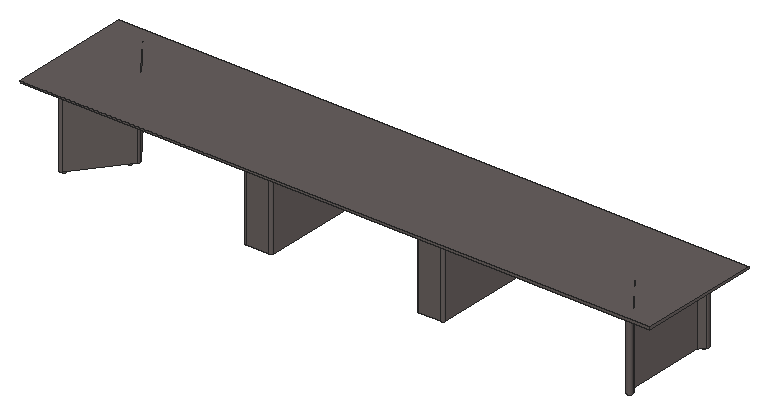
Revit family "Table-Teknion-CFTSTL_Figure_Table_Rectangular_Panel_V_Leg_Subtop-R2023", category Furniture, Revit 2023 (continued)
Definition of nested family "Hexa Panel"
  Lines and regions (in)
    symbolic lines, detail levels fine
      curve 53: line (-3.72901, 7.37711, 0) -> (-4.08986, 7.37711, 0)
      curve 54: line (-4.08986, 7.37711, 0) -> (-4.27028, 7.06461, 0)
      curve 55: line (-4.27028, 7.06461, 0) -> (-4.08986, 6.75211, 0)
      curve 56: line (-4.08986, 6.75211, 0) -> (-3.72901, 6.75211, 0)
      curve 57: line (-3.72901, 6.75211, 0) -> (-3.54859, 7.06461, 0)
      curve 58: line (-3.54859, 7.06461, 0) -> (-3.72901, 7.37711, 0)
      curve 59: line (0.36084, 15.5, 0) -> (0.18042, 15.8125, 0)
      curve 60: line (0.18042, 15.8125, 0) -> (-0.18042, 15.8125, 0)
      curve 61: line (-0.18042, 15.8125, 0) -> (-0.36084, 15.5, 0)
      curve 62: line (-0.36084, 15.5, 0) -> (-0.18042, 15.1875, 0)
      curve 63: line (-0.18042, 15.1875, 0) -> (0.18042, 15.1875, 0)
      curve 64: line (0.18042, 15.1875, 0) -> (0.36084, 15.5, 0)
      curve 65: arc (-0.5, 15.5, 0) -> (0, 16, 0) -> (0.5, 15.5, 0) r 0.5
      curve 66: arc (0.5, 15.5, 0) -> (0, 15, 0) -> (-0.5, 15.5, 0) r 0.5
      curve 67: arc (3.40943, 7.06461, 0) -> (3.90943, 7.56461, 0) -> (4.40943, 7.06461, 0) r 0.5
      curve 68: arc (4.40943, 7.06461, 0) -> (3.90943, 6.56461, 0) -> (3.40943, 7.06461, 0) r 0.5
      curve 69: arc (-4.40943, 7.06461, 0) -> (-3.90943, 7.56461, 0) -> (-3.40943, 7.06461, 0) r 0.5
      curve 70: arc (-3.40943, 7.06461, 0) -> (-3.90943, 6.56461, 0) -> (-4.40943, 7.06461, 0) r 0.5
      curve 71: arc (-3.40943, -7.06461, 0) -> (-3.90943, -6.56461, 0) -> (-4.40943, -7.06461, 0) r 0.5
      curve 72: arc (-4.40943, -7.06461, 0) -> (-3.90943, -7.56461, 0) -> (-3.40943, -7.06461, 0) r 0.5
      curve 73: arc (4.40943, -7.06461, 0) -> (3.90943, -6.56461, 0) -> (3.40943, -7.06461, 0) r 0.5
      curve 74: arc (3.40943, -7.06461, 0) -> (3.90943, -7.56461, 0) -> (4.40943, -7.06461, 0) r 0.5
      curve 75: arc (0.5, -15.5, 0) -> (0, -15, 0) -> (-0.5, -15.5, 0) r 0.5
      curve 76: arc (-0.5, -15.5, 0) -> (0, -16, 0) -> (0.5, -15.5, 0) r 0.5
      curve 77: line (-0.67495, -18, 0) -> (0.67495, -18, 0)
  Dimensions and locks (in)
    plane 4 "Left" to plane 5 "Right" = 10.000"
    "Panel Width": plane 6 "Back" to plane 7 "Front"
    locked: plane 8 "Top" to level at 26.75
    equal spacing: plane 6 "Back", plane 1 "Center Front/Back", plane 7 "Front"
    equal spacing: plane 4 "Left", plane 3 "Center Left/Right", plane 5 "Right"
    plane 6 "Back" to plane 11 "4" to plane 12 "3" = 2.500" locked, 8.43539" locked
    plane 7 "Front" to plane 9 "1" to plane 10 "2" = 2.500" locked, 8.43539" locked
    locked: plane 13 to plane 2 at 0.5
    plane 7 "Front" to Sweep 1 sketch curve to Sweep 1 sketch curve to Sweep 1 sketch curve to Sweep 1 sketch curve to Sweep 1 sketch curve = 0.62596" locked, 0.000" locked, 0.37404" locked, 9.72375" locked, 0.000" locked
    plane 6 "Back" to Sweep 1 sketch curve to Sweep 1 sketch curve to Sweep 1 sketch curve to Sweep 1 sketch curve to Sweep 1 sketch curve = 0.62596" locked, 0.000" locked, 0.37404" locked, 9.72375" locked, 0.000" locked
    locked: Sweep 2 sketch curve to plane 13 at 0.75
    locked: plane 8 "Top" to Sweep 2 sketch curve at 0.75
    plane 4 "Left" to Sweep 2 sketch curve to Sweep 2 sketch curve to Sweep 2 sketch curve = 0.11811" locked, 3.98417" locked, 0.000" locked
    Sweep 2 sketch curve to Sweep 2 sketch curve to Sweep 2 sketch curve to plane 5 "Right" = 0.000" locked, 3.98417" locked, 0.11811" locked
    plane 6 "Back" to Sweep 2 sketch curve to Sweep 2 sketch curve to Sweep 2 sketch curve = 0.86811" locked, 9.87856" locked, 0.000" locked
    plane 7 "Front" to Sweep 2 sketch curve to Sweep 2 sketch curve to Sweep 2 sketch curve = 0.86811" locked, 9.87856" locked, 0.000" locked
    locked: Sweep 3 sketch curve to plane 8 "Top" at 2
    locked: plane 2 to Sweep 3 sketch curve at 2.25
    plane 7 "Front" to Sweep 3 sketch curve to Sweep 3 sketch curve to Sweep 3 sketch curve to Sweep 3 sketch curve to Sweep 3 sketch curve = 6.28876" locked, 0.000" locked, 0.37404" locked, 4.47199" locked, 0.000" locked
    plane 4 "Left" to Sweep 3 sketch curve to Sweep 3 sketch curve = 2.11811" locked, 1.95448" locked
    Sweep 3 sketch curve to Sweep 3 sketch curve to plane 5 "Right" = 1.95448" locked, 2.11811" locked
    locked: plane 4 "Left" to Sweep 3 sketch curve at 4.07259
    locked: Sweep 3 sketch curve to plane 5 "Right" at 4.07259
    plane 6 "Back" to Sweep 3 sketch curve to Sweep 3 sketch curve to Sweep 3 sketch curve to Sweep 3 sketch curve to Sweep 3 sketch curve = 6.28876" locked, 0.000" locked, 0.37404" locked, 4.47199" locked, 0.000" locked
    locked: plane 4 "Left" to Sweep 1 sketch curve at 4.07259  (x2)
    locked: Sweep 1 sketch curve to plane 5 "Right" at 4.07259  (x2)
    locked: Revolve 4 sketch curve to plane 2 at 0.25
    locked: plane 3 "Center Left/Right" to Revolve 4 sketch curve at 0.5
    locked: Revolve 5 sketch curve to plane 2 at 0.25
    Revolve 5 sketch curve to Revolve 5 sketch curve to plane 4 "Left" = 0.500" locked, 0.59057" locked
    locked: plane 4 "Left" to Revolve 5 sketch curve at 1.09057
    locked: Revolve 6 sketch curve to plane 2 at 0.25
    Revolve 6 sketch curve to Revolve 6 sketch curve to plane 5 "Right" = 0.500" locked, 1.09057" locked
    locked: Revolve 6 sketch curve to plane 5 "Right" at 1.09057
    Revolve 7 sketch curve to Revolve 7 sketch curve to plane 4 "Left" = 0.500" locked, 0.59057" locked
    locked: Revolve 7 sketch curve to plane 2 at 0.25
    locked: plane 4 "Left" to Revolve 7 sketch curve at 1.09057
    locked: Revolve 9 sketch curve to plane 2 at 0.25
    locked: plane 3 "Center Left/Right" to Revolve 9 sketch curve at 0.5
    locked: Revolve 8 sketch curve to plane 2 at 0.25
    Revolve 8 sketch curve to Revolve 8 sketch curve to plane 5 "Right" = 0.500" locked, 1.09057" locked
    locked: Revolve 8 sketch curve to plane 5 "Right" at 1.09057
    locked: Sweep 10 sketch curve to plane 2 at 0.25
    Sweep 10 sketch curve to Sweep 10 sketch curve to Sweep 10 sketch curve to plane 3 "Center Left/Right" to Sweep 10 sketch curve to Sweep 10 sketch curve to Sweep 10 sketch curve = 0.18042" locked, 0.000" locked, 0.18042" locked, 0.18042" locked, 0.000" locked, 0.18042" locked  (x2)
    Sweep 10 sketch curve to plane 9 "1" to Sweep 10 sketch curve = 0.3125" locked, 0.3125" locked
    plane 4 "Left" to Sweep 10 sketch curve to Sweep 10 sketch curve to Sweep 10 sketch curve to Sweep 10 sketch curve to Sweep 10 sketch curve to Sweep 10 sketch curve = 0.72972" locked, 0.18042" locked, 0.000" locked, 0.36084" locked, 0.000" locked, 0.18042" locked  (x2)
    Sweep 10 sketch curve to Sweep 10 sketch curve to Sweep 10 sketch curve to Sweep 10 sketch curve to Sweep 10 sketch curve to Sweep 10 sketch curve to plane 5 "Right" = 0.18042" locked, 0.000" locked, 0.36084" locked, 0.000" locked, 0.18042" locked, 0.72972" locked  (x2)
    Sweep 10 sketch curve to plane 10 "2" to Sweep 10 sketch curve = 0.3125" locked, 0.3125" locked  (x2)
    Sweep 10 sketch curve to plane 12 "3" to Sweep 10 sketch curve = 0.3125" locked, 0.3125" locked  (x2)
    Sweep 10 sketch curve to plane 11 "4" to Sweep 10 sketch curve = 0.3125" locked, 0.3125" locked
    aligned and locked: level to plane 2
    aligned and locked: Sweep 1 sketch curve to plane 3 "Center Left/Right"
    aligned and locked: plane 8 "Top" to Sweep 1 sketch curve
    aligned and locked: plane 13 to Sweep 1 sketch curve
    aligned and locked: plane 6 "Back" to Sweep 1 sketch curve
    aligned and locked: plane 7 "Front" to Sweep 1 sketch curve
    aligned and locked: Sweep 2 sketch curve to plane 3 "Center Left/Right"
    aligned and locked: Sweep 3 sketch curve to plane 3 "Center Left/Right"
    aligned and locked: plane 2 to Revolve 4 sketch curve
    aligned and locked: Revolve 4 sketch curve to plane 3 "Center Left/Right"  (x2)
    aligned and locked: plane 2 to Revolve 5 sketch curve
    aligned and locked: plane 2 to Revolve 6 sketch curve
    aligned and locked: plane 2 to Revolve 7 sketch curve
    aligned and locked: plane 2 to Revolve 9 sketch curve
    aligned and locked: Revolve 9 sketch curve to plane 3 "Center Left/Right"  (x2)
    aligned and locked: plane 2 to Revolve 8 sketch curve
    aligned and locked: plane 13 to Sweep 10 sketch curve
    aligned and locked: Sweep 10 sketch curve to plane 3 "Center Left/Right"
    aligned and locked: plane 9 "1" to Sweep 10 sketch curve  (x2)
    aligned and locked: plane 10 "2" to Sweep 10 sketch curve  (x4)
    aligned and locked: plane 12 "3" to Sweep 10 sketch curve  (x4)
    aligned and locked: plane 11 "4" to Sweep 10 sketch curve  (x2)
    aligned and locked: curve 1 to cut or joined group of Sweep 1, Sweep 2, Sweep 3, Sweep 11, Sweep 12, Sweep 13, Sweep 14
    aligned and locked: curve 3 to cut or joined group of Sweep 1, Sweep 2, Sweep 3, Sweep 11, Sweep 12, Sweep 13, Sweep 14
    aligned and locked: curve 4 to cut or joined group of Sweep 1, Sweep 2, Sweep 3, Sweep 11, Sweep 12, Sweep 13, Sweep 14
    aligned and locked: curve 5 to cut or joined group of Sweep 1, Sweep 2, Sweep 3, Sweep 11, Sweep 12, Sweep 13, Sweep 14
    aligned and locked: curve 6 to cut or joined group of Sweep 1, Sweep 2, Sweep 3, Sweep 11, Sweep 12, Sweep 13, Sweep 14
    aligned and locked: curve 7 to cut or joined group of Sweep 1, Sweep 2, Sweep 3, Sweep 11, Sweep 12, Sweep 13, Sweep 14
    aligned and locked: curve 9 to cut or joined group of Sweep 1, Sweep 2, Sweep 3, Sweep 11, Sweep 12, Sweep 13, Sweep 14
    aligned and locked: curve 10 to cut or joined group of Sweep 1, Sweep 2, Sweep 3, Sweep 11, Sweep 12, Sweep 13, Sweep 14
    aligned and locked: curve 11 to cut or joined group of Sweep 1, Sweep 2, Sweep 3, Sweep 11, Sweep 12, Sweep 13, Sweep 14
    aligned and locked: curve 12 to cut or joined group of Sweep 1, Sweep 2, Sweep 3, Sweep 11, Sweep 12, Sweep 13, Sweep 14
    aligned and locked: curve 13 to cut or joined group of Sweep 1, Sweep 2, Sweep 3, Sweep 11, Sweep 12, Sweep 13, Sweep 14
    aligned and locked: curve 14 to cut or joined group of Sweep 1, Sweep 2, Sweep 3, Sweep 11, Sweep 12, Sweep 13, Sweep 14
    aligned and locked: curve 15 to cut or joined group of Sweep 1, Sweep 2, Sweep 3, Sweep 11, Sweep 12, Sweep 13, Sweep 14
    aligned and locked: curve 16 to cut or joined group of Sweep 1, Sweep 2, Sweep 3, Sweep 11, Sweep 12, Sweep 13, Sweep 14
    aligned and locked: curve 17 to cut or joined group of Sweep 1, Sweep 2, Sweep 3, Sweep 11, Sweep 12, Sweep 13, Sweep 14
    aligned and locked: curve 18 to cut or joined group of Sweep 1, Sweep 2, Sweep 3, Sweep 11, Sweep 12, Sweep 13, Sweep 14
    aligned and locked: curve 19 to cut or joined group of Sweep 1, Sweep 2, Sweep 3, Sweep 11, Sweep 12, Sweep 13, Sweep 14
    aligned and locked: curve 21 to cut or joined group of Sweep 1, Sweep 2, Sweep 3, Sweep 11, Sweep 12, Sweep 13, Sweep 14
    aligned and locked: curve 22 to cut or joined group of Sweep 1, Sweep 2, Sweep 3, Sweep 11, Sweep 12, Sweep 13, Sweep 14
    aligned and locked: curve 24 to cut or joined group of Sweep 1, Sweep 2, Sweep 3, Sweep 11, Sweep 12, Sweep 13, Sweep 14
    aligned and locked: curve 25 to cut or joined group of Sweep 1, Sweep 2, Sweep 3, Sweep 11, Sweep 12, Sweep 13, Sweep 14
    aligned and locked: curve 26 to cut or joined group of Sweep 1, Sweep 2, Sweep 3, Sweep 11, Sweep 12, Sweep 13, Sweep 14
    aligned and locked: curve 27 to cut or joined group of Sweep 1, Sweep 2, Sweep 3, Sweep 11, Sweep 12, Sweep 13, Sweep 14
    aligned and locked: curve 28 to cut or joined group of Sweep 1, Sweep 2, Sweep 3, Sweep 11, Sweep 12, Sweep 13, Sweep 14
    aligned and locked: curve 29 to cut or joined group of Revolve 4, Revolve 5, Revolve 6, Revolve 7, Revolve 8, Revolve 9, Sweep 10
    aligned and locked: curve 30 to cut or joined group of Revolve 4, Revolve 5, Revolve 6, Revolve 7, Revolve 8, Revolve 9, Sweep 10
    aligned and locked: curve 31 to cut or joined group of Revolve 4, Revolve 5, Revolve 6, Revolve 7, Revolve 8, Revolve 9, Sweep 10
    aligned and locked: curve 32 to cut or joined group of Revolve 4, Revolve 5, Revolve 6, Revolve 7, Revolve 8, Revolve 9, Sweep 10
    aligned and locked: curve 33 to cut or joined group of Revolve 4, Revolve 5, Revolve 6, Revolve 7, Revolve 8, Revolve 9, Sweep 10
    aligned and locked: curve 34 to cut or joined group of Revolve 4, Revolve 5, Revolve 6, Revolve 7, Revolve 8, Revolve 9, Sweep 10
    aligned and locked: curve 35 to cut or joined group of Revolve 4, Revolve 5, Revolve 6, Revolve 7, Revolve 8, Revolve 9, Sweep 10
    aligned and locked: curve 36 to cut or joined group of Revolve 4, Revolve 5, Revolve 6, Revolve 7, Revolve 8, Revolve 9, Sweep 10
    aligned and locked: curve 37 to cut or joined group of Revolve 4, Revolve 5, Revolve 6, Revolve 7, Revolve 8, Revolve 9, Sweep 10
    aligned and locked: curve 38 to cut or joined group of Revolve 4, Revolve 5, Revolve 6, Revolve 7, Revolve 8, Revolve 9, Sweep 10
    aligned and locked: curve 39 to cut or joined group of Revolve 4, Revolve 5, Revolve 6, Revolve 7, Revolve 8, Revolve 9, Sweep 10
    aligned and locked: curve 40 to cut or joined group of Revolve 4, Revolve 5, Revolve 6, Revolve 7, Revolve 8, Revolve 9, Sweep 10
    aligned and locked: curve 41 to cut or joined group of Revolve 4, Revolve 5, Revolve 6, Revolve 7, Revolve 8, Revolve 9, Sweep 10
    aligned and locked: curve 42 to cut or joined group of Revolve 4, Revolve 5, Revolve 6, Revolve 7, Revolve 8, Revolve 9, Sweep 10
    aligned and locked: curve 43 to cut or joined group of Revolve 4, Revolve 5, Revolve 6, Revolve 7, Revolve 8, Revolve 9, Sweep 10
    aligned and locked: curve 44 to cut or joined group of Revolve 4, Revolve 5, Revolve 6, Revolve 7, Revolve 8, Revolve 9, Sweep 10
    aligned and locked: curve 45 to cut or joined group of Revolve 4, Revolve 5, Revolve 6, Revolve 7, Revolve 8, Revolve 9, Sweep 10
    aligned and locked: curve 46 to cut or joined group of Revolve 4, Revolve 5, Revolve 6, Revolve 7, Revolve 8, Revolve 9, Sweep 10
    aligned and locked: curve 47 to cut or joined group of Revolve 4, Revolve 5, Revolve 6, Revolve 7, Revolve 8, Revolve 9, Sweep 10
    aligned and locked: curve 48 to cut or joined group of Revolve 4, Revolve 5, Revolve 6, Revolve 7, Revolve 8, Revolve 9, Sweep 10
    aligned and locked: curve 49 to cut or joined group of Revolve 4, Revolve 5, Revolve 6, Revolve 7, Revolve 8, Revolve 9, Sweep 10
    aligned and locked: curve 50 to cut or joined group of Revolve 4, Revolve 5, Revolve 6, Revolve 7, Revolve 8, Revolve 9, Sweep 10
    aligned and locked: curve 51 to cut or joined group of Revolve 4, Revolve 5, Revolve 6, Revolve 7, Revolve 8, Revolve 9, Sweep 10
    aligned and locked: curve 52 to cut or joined group of Revolve 4, Revolve 5, Revolve 6, Revolve 7, Revolve 8, Revolve 9, Sweep 10
    aligned and locked: curve 53 to cut or joined group of Revolve 4, Revolve 5, Revolve 6, Revolve 7, Revolve 8, Revolve 9, Sweep 10
    aligned and locked: curve 54 to cut or joined group of Revolve 4, Revolve 5, Revolve 6, Revolve 7, Revolve 8, Revolve 9, Sweep 10
    aligned and locked: curve 55 to cut or joined group of Revolve 4, Revolve 5, Revolve 6, Revolve 7, Revolve 8, Revolve 9, Sweep 10
    aligned and locked: curve 56 to cut or joined group of Revolve 4, Revolve 5, Revolve 6, Revolve 7, Revolve 8, Revolve 9, Sweep 10
    aligned and locked: curve 57 to cut or joined group of Revolve 4, Revolve 5, Revolve 6, Revolve 7, Revolve 8, Revolve 9, Sweep 10
    aligned and locked: curve 58 to cut or joined group of Revolve 4, Revolve 5, Revolve 6, Revolve 7, Revolve 8, Revolve 9, Sweep 10
    aligned and locked: curve 59 to cut or joined group of Revolve 4, Revolve 5, Revolve 6, Revolve 7, Revolve 8, Revolve 9, Sweep 10
    aligned and locked: curve 60 to cut or joined group of Revolve 4, Revolve 5, Revolve 6, Revolve 7, Revolve 8, Revolve 9, Sweep 10
    aligned and locked: curve 61 to cut or joined group of Revolve 4, Revolve 5, Revolve 6, Revolve 7, Revolve 8, Revolve 9, Sweep 10
    aligned and locked: curve 62 to cut or joined group of Revolve 4, Revolve 5, Revolve 6, Revolve 7, Revolve 8, Revolve 9, Sweep 10
    aligned and locked: curve 63 to cut or joined group of Revolve 4, Revolve 5, Revolve 6, Revolve 7, Revolve 8, Revolve 9, Sweep 10
    aligned and locked: curve 64 to cut or joined group of Revolve 4, Revolve 5, Revolve 6, Revolve 7, Revolve 8, Revolve 9, Sweep 10
    aligned and locked: curve 65 to cut or joined group of Revolve 4, Revolve 5, Revolve 6, Revolve 7, Revolve 8, Revolve 9, Sweep 10
    aligned and locked: curve 66 to cut or joined group of Revolve 4, Revolve 5, Revolve 6, Revolve 7, Revolve 8, Revolve 9, Sweep 10
    aligned and locked: curve 67 to cut or joined group of Revolve 4, Revolve 5, Revolve 6, Revolve 7, Revolve 8, Revolve 9, Sweep 10
    aligned and locked: curve 68 to cut or joined group of Revolve 4, Revolve 5, Revolve 6, Revolve 7, Revolve 8, Revolve 9, Sweep 10
    aligned and locked: curve 69 to cut or joined group of Revolve 4, Revolve 5, Revolve 6, Revolve 7, Revolve 8, Revolve 9, Sweep 10
    aligned and locked: curve 70 to cut or joined group of Revolve 4, Revolve 5, Revolve 6, Revolve 7, Revolve 8, Revolve 9, Sweep 10
    aligned and locked: curve 71 to cut or joined group of Revolve 4, Revolve 5, Revolve 6, Revolve 7, Revolve 8, Revolve 9, Sweep 10
    aligned and locked: curve 72 to cut or joined group of Revolve 4, Revolve 5, Revolve 6, Revolve 7, Revolve 8, Revolve 9, Sweep 10
    aligned and locked: curve 73 to cut or joined group of Revolve 4, Revolve 5, Revolve 6, Revolve 7, Revolve 8, Revolve 9, Sweep 10
    aligned and locked: curve 74 to cut or joined group of Revolve 4, Revolve 5, Revolve 6, Revolve 7, Revolve 8, Revolve 9, Sweep 10
    aligned and locked: curve 75 to cut or joined group of Revolve 4, Revolve 5, Revolve 6, Revolve 7, Revolve 8, Revolve 9, Sweep 10
    aligned and locked: curve 76 to cut or joined group of Revolve 4, Revolve 5, Revolve 6, Revolve 7, Revolve 8, Revolve 9, Sweep 10
    aligned and locked: plane 7 "Front" to curve 77
    aligned and locked: plane 8 "Top" to Sweep 11 sketch curve
  Automatic sketch dimensions
    Sweep 1 sketch curve to profile plane = 0.000"  (x2)
    Sweep 3 sketch curve to profile plane = 0.000"  (x2)
    Revolve 4 sketch curve to level = 0.69828"
    plane 13 to Revolve 4 sketch curve = 0.15926"
    Revolve 5 sketch curve to plane 13 = 0.07146"
    Revolve 5 sketch curve to level = 0.48144"
    Revolve 6 sketch curve to plane 13 = 0.0769"
    Revolve 6 sketch curve to level = 0.3269"
    level to Revolve 7 sketch curve = 0.23252"
    plane 13 to Revolve 7 sketch curve = 0.09564"
    level to Revolve 9 sketch curve = 0.54196"
    Revolve 9 sketch curve to plane 13 = 0.1177"
    level to Revolve 8 sketch curve = 0.45393"
    plane 13 to Revolve 8 sketch curve = 0.08613"
    curve 4 to plane 3 "Center Left/Right" = 0.000"
    curve 9 to plane 3 "Center Left/Right" = 0.000"
    curve 5 to curve 13 = 0.02292"
    curve 14 to curve 2 = 0.02292"
    curve 23 to curve 24 = 0.000"
    curve 25 to plane 3 "Center Left/Right" = 0.000"
    plane 10 "2" to curve 19 = 0.19941"
    curve 28 to plane 3 "Center Left/Right" = 0.000"
    plane 11 "4" to curve 65 = 0.000"
    plane 11 "4" to curve 66 = 0.000"
    plane 12 "3" to curve 67 = 0.000"
    plane 12 "3" to curve 68 = 0.000"
    plane 12 "3" to curve 69 = 0.000"
    plane 12 "3" to curve 70 = 0.000"
    curve 71 to plane 10 "2" = 0.000"
    curve 72 to plane 10 "2" = 0.000"
    curve 73 to plane 10 "2" = 0.000"
    curve 74 to plane 10 "2" = 0.000"
    curve 75 to plane 9 "1" = 0.000"  (x2)
    curve 3 to curve 16 = 0.02969"
    curve 16 to curve 4 = 0.02969"
    curve 10 to curve 11 = 0.02969"
    curve 11 to curve 9 = 0.02969"
    curve 2 to plane 6 "Back" = 0.000"
    curve 1 to plane 6 "Back" = 0.000"
    Sweep 11 sketch curve to plane 1 "Center Front/Back" = 0.000"
    Sweep 11 sketch curve to plane 4 "Left" = 3.000"
    Sweep 11 sketch curve to plane 5 "Right" = 3.000"
    Sweep 12 sketch curve to plane 1 "Center Front/Back" = 0.000"
    Sweep 12 sketch curve to plane 4 "Left" = 3.250"
    Sweep 12 sketch curve to plane 3 "Center Left/Right" = 1.000"
    Sweep 13 sketch curve to plane 3 "Center Left/Right" = 0.000"
    Sweep 13 sketch curve to level = 4.500"
    plane 13 to Sweep 13 sketch curve = 5.000"
    plane 1 "Center Front/Back" to Sweep 13 sketch curve = 0.000"
    Sweep 13 sketch curve to profile plane = 0.000"
    profile plane to Sweep 11 sketch curve = 5.000"
    Sweep 11 sketch curve to Sweep 11 sketch curve = 0.500"  (x2)
    Sweep 11 sketch curve to profile plane = 4.500"
    Sweep 11 sketch curve to Sweep 11 sketch curve = 2.250"
    profile plane to Sweep 12 sketch curve = 4.000"
    Sweep 12 sketch curve to Sweep 12 sketch curve = 0.100"  (x3)
    Sweep 12 sketch curve to Sweep 12 sketch curve = 0.500"
    Sweep 12 sketch curve to profile plane = 3.500"
    Sweep 12 sketch curve to profile plane = 3.900"
    level to Sweep 12 sketch curve = 4.500"
    Sweep 12 sketch curve to Sweep 12 sketch curve = 16.650"
    Sweep 12 sketch curve to Sweep 12 sketch curve = 0.750"
    Sweep 14 sketch curve to plane 1 "Center Front/Back" = 0.000"
    Sweep 14 sketch curve to plane 4 "Left" = 3.000"
    Sweep 14 sketch curve to plane 5 "Right" = 2.250"
    radius of Sweep 13 sketch curve = 4.11878"
Definition of nested family "V Leg"
  Parameters (values of type "V Leg")
    Warranty = "http://www.teknion.com/ca/papers/legal-canada"
    V Leg - Width [instance] = if(Depth = 60.000", 15.045", 12.743")  # 12.743"
    Unit Weight URL = "http://www.teknion.com/ca/tools/assets#&asset=bee6a381-b954-425e-8283-5a2de3a804f2,f828d448-4b62-4231-9e5f-9a8991c0ed77"
    URL = "www.teknion.com"
    To render please download texture images found here [instance] = "https://assets.teknion.com/web/5e81352c1dfdb467/revit-material-swatches/"
    Sustainability Data = "https://www.teknion.com/ca/tools/assets#&topic=216f99a5-57a0-44fc-b10a-9dee9b29ae4c&asset=444deb64-fe58-4b68-981e-f75e97781df7,b4ff2d81-9f2e-437d-9659-7cffb09c31cf"
    Series = ""
    Product Page URL = ""
    Product Line = ""
    Product Documentation Link = ""
    Part Number = ""
    Model = ""
    Manufacturer Phone = "416-661-3370"  # constant formula
    Manufacturer Fax = "416.661.4586"  # constant formula
    Manufacturer Contact Information = "http://www.teknion.com/ca/contactus"
    Manufacturer Address = "1150 Flint Road, Toronto, ON. M3J 2J5. Canada"  # constant formula
    Manufacturer = "Teknion"  # constant formula
    How To Use Teknion Materials User Guide [instance] = "https://assets.teknion.com/m/205dd0a49fa58060/original/How-to-add-a-Material-Library-and-Texture-Images-to-your-Revit-project.pdf"
    Glide Finish [instance] = none
    V Leg - Depth [instance] = if(Depth = 60.000", 36.000", 30.000")  # 30.000"
    For Additional Finishes please visit [instance] = "https://assets.teknion.com/m/44a8009b046e5d47/original/Teknion_Materials_Library.zip"
    Description = "V Leg"
    Depth [instance] = 48.000"
    Default Elevation = 0.000"
    Base Finish [instance] = none
    Assembly Code = "E2020200"
  Reference planes (in)
    plane 1 "Center Front/Back": y = -0.10332
    plane 2: z = 0
    plane 3 "Center Left/Right": x = 6.2179
    plane 4 "Left": x = -0.1536
    plane 5 "Right": x = 12.5894
    plane 6 "Back": y = 14.89668
    plane 7 "Front": y = -15.10332
    plane 8 "Top": z = 26.75
    plane 9: z = 0.5
  Forms (in)
    Sweep 1, solid, material <- "Glide Finish"
      path origin (0, -0.10332, 0) x (1, 0, 0) y (0, 0, 1)
        loop
          line (6.2179, 0.25) -> (6.2179, 0.5)
      profile origin (6.2179, -0.10332, 0.375) x (-1, 0, 0) y (0, -1, 0)
        loop
          line (4.8867, -13.91582) -> (5.24754, -13.91582) -> (5.42796, -13.60332) -> (5.24754, -13.29082) -> (4.8867, -13.29082) -> (4.70628, -13.60332) -> (4.8867, -13.91582)
        loop
          line (-4.3344, -1.89921) -> (-3.97356, -1.89921) -> (-3.79313, -1.58671) -> (-3.97356, -1.27421) -> (-4.3344, -1.27421) -> (-4.51482, -1.58671) -> (-4.3344, -1.89921)
        loop
          line (-4.51482, 1.58671) -> (-4.3344, 1.27421) -> (-3.97356, 1.27421) -> (-3.79313, 1.58671) -> (-3.97356, 1.89921) -> (-4.3344, 1.89921) -> (-4.51482, 1.58671)
        loop
          line (4.8867, 13.29082) -> (5.24754, 13.29082) -> (5.42796, 13.60332) -> (5.24754, 13.91582) -> (4.8867, 13.91582) -> (4.70628, 13.60332) -> (4.8867, 13.29082)
    Sweep 2, solid, material <- "Glide Finish"
      path origin (0, -0.10332, 0) x (1, 0, 0) y (0, 0, 1)
        loop
          line (6.2179, 0.25) -> (6.2179, 0)
      profile origin (6.2179, -0.10332, 0.125) x (0, -1, 0) y (1, 0, 0)
        loop
          circle (13.60332, -5.06712) r 0.5
        loop
          circle (-13.60332, -5.06712) r 0.5
        loop
          circle (-1.58671, 4.15398) r 0.5
        loop
          circle (1.58671, 4.15398) r 0.5
    Sweep 3, solid, material <- "Base Finish"
      path origin (0, -0.10332, 0) x (1, 0, 0) y (0, 0, 1)
        loop
          line (6.2179, 0.5) -> (6.2179, 26.75)
      profile origin (6.2179, -0.10332, 13.625) x (-1, 0, 0) y (0, -1, 0)
        loop
          line (-6.16441, -0.60876) -> (4.57815, -14.60876)
          arc (4.57815, -14.60876) -> (4.92921, -14.89687) -> (5.3715, -15) r 1
          arc (5.3715, -15) -> (6.26837, -14.44229) -> (6.16485, -13.39124) r 1
          line (6.16485, -13.39124) -> (-4.11059, 0) -> (6.16485, 13.39124)
          arc (6.16485, 13.39124) -> (5.98026, 14.79335) -> (4.57815, 14.60876) r 1
          line (4.57815, 14.60876) -> (-6.16441, 0.60876)
          arc (-6.16441, 0.60876) -> (-6.37115, 0) -> (-6.16441, -0.60876) r 0.99965
    Sweep 4, solid, material <- "Base Finish"
      path origin (0, -0.10332, 0) x (1, 0, 0) y (0, 0, 1)
        loop
          line (6.2179, 25.25) -> (6.2179, 0.5)
      profile origin (6.2179, -0.10332, 12.875) x (0, -1, 0) y (1, 0, 0)
        loop
          line (-11.01118, -4.33857) -> (11.01118, -4.33857) -> (10.03376, -3.58857) -> (-10.03376, -3.58857) -> (-11.01118, -4.33857)
    Sweep 5, void
      path origin (0, -0.10332, 0) x (1, 0, 0) y (0, 0, 1)
        loop
          line (6.2179, 22.75) -> (6.2179, 26.75)
      profile origin (6.2179, -0.10332, 24.75) x (-1, 0, 0) y (0, -1, 0)
        loop
          line (-6.3715, -6.77675) -> (2.46013, 0) -> (-6.3715, 6.77675) -> (-6.3715, -6.77675)
  Cuts and joins
    joined: Sweep 1, Sweep 2
    Sweep 5 cuts Sweep 3
  Lines and regions (in)
    Masking region 1, detail levels medium+fine
      outline origin (0, 0, 0) x (1, 0, 0) y (0, 1, 0)
        loop
          line (12.38231, 0.50544) -> (1.63975, 14.50544)
          arc (1.63975, 14.50544) -> (1.28869, 14.79355) -> (0.8464, 14.89668) r 1
          arc (0.8464, 14.89668) -> (-0.05047, 14.33897) -> (0.05305, 13.28792) r 1
          line (0.05305, 13.28792) -> (10.32849, -0.10332) -> (0.05305, -13.49456)
          arc (0.05305, -13.49456) -> (0.23764, -14.89668) -> (1.63975, -14.71208) r 1
          line (1.63975, -14.71208) -> (12.38231, -0.71208)
          arc (12.38231, -0.71208) -> (12.58905, -0.10332) -> (12.38231, 0.50544) r 0.99965
    symbolic lines, detail levels fine
      curve 1: line (1.3312, 13.8125, 0) -> (0.97036, 13.8125, 0)
      curve 2: line (0.97036, 13.8125, 0) -> (0.78994, 13.5, 0)
      curve 3: line (0.78994, 13.5, 0) -> (0.97036, 13.1875, 0)
      curve 4: line (0.97036, 13.1875, 0) -> (1.3312, 13.1875, 0)
      curve 5: line (1.3312, 13.1875, 0) -> (1.51162, 13.5, 0)
      curve 6: line (1.51162, 13.5, 0) -> (1.3312, 13.8125, 0)
      curve 7: arc (1.15078, 13, 0) -> (1.65078, 13.5, 0) -> (1.15078, 14, 0) r 0.5
      curve 8: arc (1.15078, 14, 0) -> (0.65078, 13.5, 0) -> (1.15078, 13, 0) r 0.5
      curve 9: line (10.73272, 1.48338, 0) -> (10.5523, 1.79588, 0)
      curve 10: line (10.5523, 1.79588, 0) -> (10.19145, 1.79588, 0)
      curve 11: line (10.19145, 1.79588, 0) -> (10.01103, 1.48338, 0)
      curve 12: line (10.01103, 1.48338, 0) -> (10.19145, 1.17088, 0)
      curve 13: line (10.19145, 1.17088, 0) -> (10.5523, 1.17088, 0)
      curve 14: line (10.5523, 1.17088, 0) -> (10.73272, 1.48338, 0)
      curve 15: arc (10.37188, 1.98338, 0) -> (9.87188, 1.48338, 0) -> (10.37188, 0.98338, 0) r 0.5
      curve 16: arc (10.37188, 0.98338, 0) -> (10.87188, 1.48338, 0) -> (10.37188, 1.98338, 0) r 0.5
      curve 17: arc (10.37188, -2.19003, 0) -> (10.87188, -1.69003, 0) -> (10.37188, -1.19003, 0) r 0.5
      curve 18: arc (10.37188, -1.19003, 0) -> (9.87188, -1.69003, 0) -> (10.37188, -2.19003, 0) r 0.5
      curve 19: line (10.5523, -1.37753, 0) -> (10.19145, -1.37753, 0)
      curve 20: line (10.19145, -1.37753, 0) -> (10.01103, -1.69003, 0)
      curve 21: line (10.01103, -1.69003, 0) -> (10.19145, -2.00253, 0)
      curve 22: line (10.19145, -2.00253, 0) -> (10.5523, -2.00253, 0)
      curve 23: line (10.5523, -2.00253, 0) -> (10.73272, -1.69003, 0)
      curve 24: line (10.73272, -1.69003, 0) -> (10.5523, -1.37753, 0)
      curve 25: line (0.97036, -14.01915, 0) -> (1.3312, -14.01915, 0)
      curve 26: line (1.3312, -14.01915, 0) -> (1.51162, -13.70665, 0)
      curve 27: line (1.51162, -13.70665, 0) -> (1.3312, -13.39415, 0)
      curve 28: line (1.3312, -13.39415, 0) -> (0.97036, -13.39415, 0)
      curve 29: line (0.97036, -13.39415, 0) -> (0.78994, -13.70665, 0)
      curve 30: line (0.78994, -13.70665, 0) -> (0.97036, -14.01915, 0)
      curve 31: arc (1.15078, -13.20665, 0) -> (0.65078, -13.70665, 0) -> (1.15078, -14.20665, 0) r 0.5
      curve 32: arc (1.15078, -14.20665, 0) -> (1.65078, -13.70665, 0) -> (1.15078, -13.20665, 0) r 0.5
    symbolic lines, detail levels medium+fine
      curve 33: line (9.48015, 4.28762, 0) -> (7.89344, 3.07009, 0)
      curve 34: line (7.89344, -3.27674, 0) -> (9.48015, -4.49426, 0)
      curve 35: line (2.62933, -10.13708, 0) -> (2.62933, 9.93044, 0)
      curve 36: line (1.87933, 10.90786, 0) -> (1.87933, -11.1145, 0)
  Dimensions and locks (in)
    "V Leg - Width": plane 4 "Left" to plane 5 "Right"
    "V Leg - Depth": plane 6 "Back" to plane 7 "Front"
    locked: plane 8 "Top" to level at 26.75
    equal spacing: plane 6 "Back", plane 1 "Center Front/Back", plane 7 "Front"
    locked: plane 9 to plane 2 at 0.5
    locked: Sweep 1 sketch curve to plane 2 at 0.25
    locked: Sweep 2 sketch curve to plane 2 at 0.25
    equal spacing: plane 4 "Left", plane 3 "Center Left/Right", plane 5 "Right"
    plane 7 "Front" to Sweep 1 sketch curve to Sweep 1 sketch curve to Sweep 1 sketch curve to Sweep 1 sketch curve = 1.08418" locked, 0.3125" locked, 0.000" locked, 0.3125" locked
    plane 4 "Left" to Sweep 1 sketch curve to Sweep 1 sketch curve to Sweep 1 sketch curve to Sweep 1 sketch curve to Sweep 1 sketch curve to Sweep 1 sketch curve = 0.94354" locked, 0.18042" locked, 0.000" locked, 0.36084" locked, 0.000" locked, 0.18042" locked  (x2)
    Sweep 1 sketch curve to Sweep 1 sketch curve to Sweep 1 sketch curve to Sweep 1 sketch curve to plane 1 "Center Front/Back" to Sweep 1 sketch curve to Sweep 1 sketch curve to Sweep 1 sketch curve to Sweep 1 sketch curve = 0.3125" locked, 0.000" locked, 0.3125" locked, 1.27421" locked, 1.27421" locked, 0.3125" locked, 0.000" locked, 0.3125" locked
    Sweep 1 sketch curve to Sweep 1 sketch curve to Sweep 1 sketch curve to Sweep 1 sketch curve to Sweep 1 sketch curve to Sweep 1 sketch curve to Sweep 1 sketch curve to Sweep 1 sketch curve to Sweep 1 sketch curve to Sweep 1 sketch curve to Sweep 1 sketch curve to Sweep 1 sketch curve to plane 5 "Right" = 0.000" locked, 0.18042" locked, 0.000" locked, 0.000" locked, 0.000" locked, 0.36084" locked, 0.000" locked, 0.000" locked, 0.000" locked, 0.18042" locked, 0.000" locked, 1.85668" locked
    plane 6 "Back" to Sweep 1 sketch curve to Sweep 1 sketch curve to Sweep 1 sketch curve to Sweep 1 sketch curve = 1.08418" locked, 0.3125" locked, 0.000" locked, 0.3125" locked
    Sweep 2 sketch curve to plane 1 "Center Front/Back" to Sweep 2 sketch curve = 1.58671" locked, 1.58671" locked
    Sweep 2 sketch curve to Sweep 2 sketch curve to plane 5 "Right" = 0.000" locked, 2.21752" locked
    locked: plane 7 "Front" to Sweep 2 sketch curve at 1.39668
    locked: plane 4 "Left" to Sweep 2 sketch curve at 1.30438  (x2)
    locked: plane 6 "Back" to Sweep 2 sketch curve at 1.39668
    locked: Sweep 3 sketch curve to plane 5 "Right" at 1
    locked: plane 1 "Center Front/Back" to Sweep 3 sketch curve
    locked: plane 6 "Back" to Sweep 3 sketch curve at 1
    locked: plane 4 "Left" to Sweep 3 sketch curve at 1  (x2)
    locked: plane 7 "Front" to Sweep 3 sketch curve at 1
    locked: Masking region 1 sketch curve to plane 5 "Right" at 1
    locked: plane 1 "Center Front/Back" to Masking region 1 sketch curve
    locked: plane 6 "Back" to Masking region 1 sketch curve at 1
    locked: plane 4 "Left" to Masking region 1 sketch curve at 1  (x2)
    locked: plane 7 "Front" to Masking region 1 sketch curve at 1
    locked: plane 8 "Top" to Sweep 4 sketch curve at 1.5
    plane 4 "Left" to Sweep 4 sketch curve to Sweep 4 sketch curve = 2.03293" locked, 0.750" locked
    plane 6 "Back" to Sweep 4 sketch curve to Sweep 4 sketch curve = 3.98882" locked, 0.97742" locked
    plane 7 "Front" to Sweep 4 sketch curve to Sweep 4 sketch curve = 3.98882" locked, 0.97742" locked
    locked: plane 8 "Top" to Sweep 5 sketch curve at 4
    Sweep 5 sketch curve to plane 1 "Center Front/Back" to Sweep 5 sketch curve = 6.77675" locked, 6.77675" locked
    aligned and locked: level to plane 2
    aligned and locked: Sweep 1 sketch curve to plane 9
    aligned and locked: plane 3 "Center Left/Right" to Sweep 1 sketch curve
    aligned and locked: plane 2 to Sweep 2 sketch curve
    aligned and locked: Sweep 2 sketch curve to plane 3 "Center Left/Right"
    aligned and locked: plane 8 "Top" to Sweep 3 sketch curve
    aligned and locked: plane 3 "Center Left/Right" to Sweep 3 sketch curve
    aligned and locked: Sweep 3 sketch curve to plane 9
    aligned and locked: curve 1 to cut or joined group of Sweep 1, Sweep 2
    aligned and locked: curve 2 to cut or joined group of Sweep 1, Sweep 2
    aligned and locked: curve 3 to cut or joined group of Sweep 1, Sweep 2
    aligned and locked: curve 4 to cut or joined group of Sweep 1, Sweep 2
    aligned and locked: curve 5 to cut or joined group of Sweep 1, Sweep 2
    aligned and locked: curve 6 to cut or joined group of Sweep 1, Sweep 2
    aligned and locked: curve 7 to cut or joined group of Sweep 1, Sweep 2
    aligned and locked: curve 8 to cut or joined group of Sweep 1, Sweep 2
    aligned and locked: curve 9 to cut or joined group of Sweep 1, Sweep 2
    aligned and locked: curve 10 to cut or joined group of Sweep 1, Sweep 2
    aligned and locked: curve 11 to cut or joined group of Sweep 1, Sweep 2
    aligned and locked: curve 12 to cut or joined group of Sweep 1, Sweep 2
    aligned and locked: curve 13 to cut or joined group of Sweep 1, Sweep 2
    aligned and locked: curve 14 to cut or joined group of Sweep 1, Sweep 2
    aligned and locked: curve 15 to cut or joined group of Sweep 1, Sweep 2
    aligned and locked: curve 16 to cut or joined group of Sweep 1, Sweep 2
    aligned and locked: curve 17 to cut or joined group of Sweep 1, Sweep 2
    aligned and locked: curve 18 to cut or joined group of Sweep 1, Sweep 2
    aligned and locked: curve 19 to cut or joined group of Sweep 1, Sweep 2
    aligned and locked: curve 20 to cut or joined group of Sweep 1, Sweep 2
    aligned and locked: curve 21 to cut or joined group of Sweep 1, Sweep 2
    aligned and locked: curve 22 to cut or joined group of Sweep 1, Sweep 2
    aligned and locked: curve 23 to cut or joined group of Sweep 1, Sweep 2
    aligned and locked: curve 24 to cut or joined group of Sweep 1, Sweep 2
    aligned and locked: curve 25 to cut or joined group of Sweep 1, Sweep 2
    aligned and locked: curve 26 to cut or joined group of Sweep 1, Sweep 2
    aligned and locked: curve 27 to cut or joined group of Sweep 1, Sweep 2
    aligned and locked: curve 28 to cut or joined group of Sweep 1, Sweep 2
    aligned and locked: curve 29 to cut or joined group of Sweep 1, Sweep 2
    aligned and locked: curve 30 to cut or joined group of Sweep 1, Sweep 2
    aligned and locked: curve 31 to cut or joined group of Sweep 1, Sweep 2
    aligned and locked: curve 32 to cut or joined group of Sweep 1, Sweep 2
    aligned and locked: Sweep 4 sketch curve to plane 3 "Center Left/Right"
    aligned and locked: Sweep 4 sketch curve to plane 9
    aligned and locked: plane 3 "Center Left/Right" to Sweep 5 sketch curve
    aligned and locked: plane 8 "Top" to Sweep 5 sketch curve
    aligned and locked: plane 5 "Right" to Sweep 5 sketch curve
    aligned and locked: plane 1 "Center Front/Back" to Sweep 5 sketch curve
    aligned and locked: curve 33 to cut or joined group of Sweep 3, Sweep 5
    aligned and locked: curve 34 to cut or joined group of Sweep 3, Sweep 5
    aligned and locked: curve 35 to Sweep 4
    aligned and locked: curve 36 to Sweep 4
  Automatic sketch dimensions
    Sweep 3 sketch curve to Sweep 3 sketch curve = 0.79335"  (x4)
    plane 1 "Center Front/Back" to Sweep 3 sketch curve = 0.60876"
    plane 1 "Center Front/Back" to Sweep 3 sketch curve = 0.000"
    Sweep 3 sketch curve to Sweep 3 sketch curve = 0.79291"
    Sweep 3 sketch curve to Sweep 3 sketch curve = 0.60876"  (x2)
    Sweep 3 sketch curve to plane 1 "Center Front/Back" = 0.60876"
    Sweep 3 sketch curve to Sweep 3 sketch curve = 1.26091"
    Sweep 3 sketch curve to Sweep 3 sketch curve = 0.000"
    Masking region 1 sketch curve to Masking region 1 sketch curve = 0.000"
    Masking region 1 sketch curve to plane 6 "Back" = 0.000"
    plane 1 "Center Front/Back" to Masking region 1 sketch curve = 0.000"
    plane 4 "Left" to Masking region 1 sketch curve = 0.20665"  (x2)
    Masking region 1 sketch curve to plane 7 "Front" = 0.39124"
    Masking region 1 sketch curve to Masking region 1 sketch curve = 0.79335"
    Masking region 1 sketch curve to plane 6 "Back" = 0.39124"
    plane 5 "Right" to Masking region 1 sketch curve = 2.26091"
    plane 5 "Right" to Masking region 1 sketch curve = 0.20709"  (x2)
    plane 1 "Center Front/Back" to Masking region 1 sketch curve = 0.60876"
    Sweep 5 sketch curve to Sweep 5 sketch curve = 8.83163"
    plane 3 "Center Left/Right" to curve 33 = 1.67554"
    curve 33 to curve 33 = 1.58671"
    plane 3 "Center Left/Right" to curve 34 = 1.67554"
    curve 34 to curve 34 = 1.58671"
    curve 31 to curve 35 = 3.06956"
    curve 35 to curve 7 = 3.06956"
    curve 36 to curve 35 = 0.97742"
    curve 35 to curve 36 = 0.97742"
    radius of Sweep 2 sketch curve = 0.500"  (x4)
Definition of nested family "Teknion_2D_Node_Family-R2021"
  Reference planes (in)
    plane 1 "Center (Front/Back)": y = 0
    plane 2: z = 0
    plane 3 "Center (Left/Right)": x = 0
  Lines and regions (in)
    detail lines, in view "Ref. Level"
      curve 1: circle (0, 0, 0) r 1.25 normal (0, 0, 1)
      curve 2: line (1.91508, -1.91508, 0) -> (-1.91508, 1.91508, 0)
      curve 3: line (-1.91508, -1.91508, 0) -> (1.91508, 1.91508, 0)
